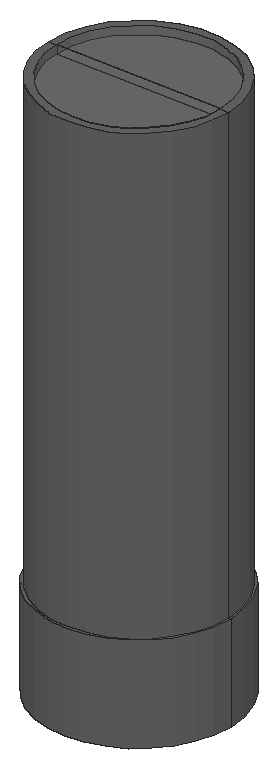
Revit family "LTC-4RDW-S", category Lighting Fixtures, host Face, Revit 2017
Family settings
  Host = Face
  Round Connector Dimension = Use Diameter
  Part Type = Normal
  OmniClass Number = 23.80.70.11.14.11
  OmniClass Title = Downlights
  Cut with Voids When Loaded = No
  Light Source = Yes
  Shared = Yes
  Room Calculation Point = No
Parameters (values of type "LTC-4RDPH-SPC")
  Wattage Comments = ""
  Wattage = 25 W
  built-in parameter 1150110 = 1 (stored number, unit not read)
  Voltage = if(Is 120V, 120 V, 277 V)  # 120 V
  URL = "https://www.hubbell.com/prescolite/en"
  built-in parameter 1114217 = 1 (stored number, unit not read)
  Tilt Angle = -90.00°
  built-in parameter 1150109 = 1 (stored number, unit not read)
  built-in parameter 1150134 = (empty or 0)
  built-in parameter 1150113 = 1 (stored number, unit not read)
  SRMD = no
  Reflector Finish = Paint - Hubbell - Carbon Black
  Product Page URL = "https://www.hubbell.com/prescolite/en/Products/Lighting-Controls/Commercial-Indoor-Lighting/Cylinders/LITEISTRY-4-Round-Cylinder-wPowerHUBB/p/3775860"
  Product Material = Paint - Hubbell - Carbon Black
  Product Documentation Link = "https://hubbellcdn.com/specsheet/LTC-4RDWPH%20PowerHUBB.pdf"
  Photometric Web Link = "https://www.hubbell.com/prescolite/en/Products/Lighting-Controls/Commercial-Indoor-Lighting/Cylinders/LITEISTRY-4-Round-Cylinder-wPowerHUBB/p/3775860#prod-photometry-section"
  Photometric Web File = "LTC-4RDPH-P-06L35K8MD-PM-S-BL.ies"
  Photometric Notes = "More IES files download on Photometric Web Link"  # constant formula
  Model = "LTC-4RDPH"  # constant formula
  Manufacturer = "Prescolite"  # constant formula
  built-in parameter 1150105 = 175.07 (stored number, unit not read)
  Lumens = 2200 lm
  built-in parameter 1150115 = 1 (stored number, unit not read)
  Load Classification = Lighting
  built-in parameter 1150137 = (empty or 0)
  built-in parameter 1150139 = (empty or 0)
  built-in parameter 1150112 = 1 (stored number, unit not read)
  built-in parameter 1150114 = 1 (stored number, unit not read)
  Lamp = " LED's"  # constant formula
  Is 277V = not(Is 120V)  # no
  Is 120V = yes
  built-in parameter 1150132 = (empty or 0)
  built-in parameter 1150102 = (empty or 0)
  built-in parameter 1150107 = 3000 (stored number, unit not read)
  built-in parameter 1150138 = (empty or 0)
  built-in parameter 1150106 = 1.7507 (stored number, unit not read)
  Glass = Hubbell - White Glass
  Frequency = 60 Hz  # constant formula
  Emit from Circle Diameter = 5.60156"  # constant formula
  Emit Shape Visible in Rendering = yes
  built-in parameter 1150104 = 8.1755 (stored number, unit not read)
  Dimming Lamp Color Temperature Shift = <None>
  Description = "• 4inch architectural LED downlight and wall wash cylinder delivering 600–2000 lm \r\n• Five beam distributions from 0.3 to 1.2 Spacing Criteria \r\n• Quiet reflector appearance with 50º optical cutoff \r\n• 2700K–5000K, 80+ and 90+ CRI options \r\n• Available in Surface, Wall, Pendant, or Cable/Cord Mount configurations \r\n• Versatile canopy options for recessed and surface-mounted J-box applications \r\n• PowerHUBB™ enables low-voltage wired connectivity for Power over Ethernet (PoE) network system deployment\r\n"  # constant formula
  Default Elevation = 48.00"
  Contact Us = "https://www.hubbell.com/prescolite/en/contactUs"
  Connector Description = "Lighting Connector"  # constant formula
  Color Filter = 16777215
  Ceiling Thickness [instance] = 1.25"
  Cutout Radius = 3.125"
  Ceiling Cutout = Cutout Radius * 2  # 6.25"
  Canopy Diameter = 5.75"
  Canopy Depth = 3.00"
  built-in parameter 1114218 = 1 (stored number, unit not read)
  built-in parameter 1150133 = 10 (stored number, unit not read)
  Apparent Load = 52 VA
Types (4): name | SRMD | Canopy Diameter | Canopy Depth
  (no name) | no | 5.75" | 3.00"
  LTC-4RDW-SRMD | yes | 7.00" | 0.26"
  LTC-4RDPH-SPC | no | 5.75" | 3.00"
  LTC-4RDW-SPCC | no | 5.83" | 4.50"
Reference planes (in)
  plane 1 "Center (Front/Back)": y = 0
  plane 2: z = 0
  plane 3 "Center (Left/Right)": x = 0
  plane 4: x = 3
  plane 5: x = -3
  plane 6: y = 3
  plane 7: y = -3
  plane 8: x = 2.795
  plane 9: x = -2
  plane 10: y = 2
  plane 11: y = -2
  plane 12: z = 14
  plane 13: z = -6
  plane 14: z = 3
  plane 15: x = -2.875
  plane 16: x = 2.875
  plane 17: z = 17
Forms (in)
  Extrusion 1, void
    sketch origin (0, 0, 0) x (1, 0, 0) y (0, 1, 0)
      loop
        circle (0, 0) r 3.125
    from -1.25 to 0
  Revolve 2, solid, material "Paint - Hubbell - Carbon Black" <- "Product Material"
    sketch origin (0, 0, 0.875) x (1, 0, 0) y (0, 0, 1)
      loop
        line (2.545, 16.125) -> (2.545, 15.875) -> (0, 15.875) -> (0, 2.125) -> (2.795, 2.125) -> (2.795, 16.125) -> (2.545, 16.125)
      axis (0, 16.125) -> (0, 2.125)
    angle from 0 to 360
  Revolve 3, solid, material "Paint - Hubbell - Carbon Black" <- "Reflector Finish", visible <- "SRMD"
    sketch origin (0, 0, 0) x (1, 0, 0) y (0, 0, 1)
      loop
        line (0, -6) -> (2.795, -6) -> (2.795, -4.65921) -> (2.63579, -4.65921) -> (2.94166, -4.35334) -> (2.59138, -4.35334) -> (2.59138, -0.82322) -> (2.68252, -0.82322)
        arc (2.68252, -0.82322) -> (2.70324, -0.81464) -> (2.71182, -0.79393) r 0.02929
        line (2.71182, -0.79393) -> (2.71182, 0) -> (0, 0) -> (0, -6)
      axis (0, 0) -> (0, -6)
    angle from 0 to 360
  Revolve 4, solid, material "Hubbell - White Glass" <- "Glass"
    sketch origin (0, 0, 0) x (1, 0, 0) y (0, 0, 1)
      loop
        line (0, 17) -> (0, 16.75) -> (2.545, 16.75) -> (2.545, 17) -> (0, 17)
      axis (0, 17) -> (0, 16.75)
    angle from 0 to 360
  Revolve 5, solid, material "Paint - Hubbell - Carbon Black" <- "Product Material"
    sketch origin (0, 0, 0) x (1, 0, 0) y (0, 0, 1)
      loop
        line (0, 0) -> (2.875, 0) -> (2.875, 3) -> (0, 3) -> (0, 0)
      axis (0, 3) -> (0, 0)
    angle from 0 to 360
Dimensions and locks (in)
  plane 2 to plane 13 = 6.00"
  equal spacing: plane 16, plane 3 "Center (Left/Right)", plane 15
  "Canopy Diameter": plane 16 to plane 15
  "Canopy Depth": plane 14 to plane 2
  locked: plane 17 to plane 14 at 14
  Revolve 2 sketch curve to Revolve 2 sketch curve to Revolve 2 sketch curve = 0.25" locked, 13.75" locked
  "Cutout Radius": radius of Extrusion 1 sketch curve
  aligned and locked: plane 2 to host face
  aligned and locked: level to host face
  aligned and locked: level to Extrusion 1
  aligned and locked: plane 1 "Center (Front/Back)" to Extrusion 1 sketch curve
  aligned and locked: plane 3 "Center (Left/Right)" to Extrusion 1 sketch curve
  aligned and locked: plane 3 "Center (Left/Right)" to imposter light
  aligned and locked: Revolve 3 to plane 13
  aligned and locked: plane 17 to Revolve 2 sketch curve
  aligned and locked: Revolve 4 to plane 17
  aligned and locked: Revolve 4 to Revolve 2
  aligned and locked: plane 16 to Revolve 5 sketch curve
  aligned and locked: Revolve 5 sketch curve to Revolve 5 sketch curve
  aligned and locked: Revolve 5 sketch curve to plane 14
  aligned and locked: Revolve 5 sketch curve to plane 2
  aligned and locked: imposter light to plane 17
Automatic sketch dimensions
  host sketch curve to host sketch curve = 96.00"  (x2)
  Revolve 4 sketch curve to plane 3 "Center (Left/Right)" = 0.00"  (x2)
  Revolve 4 sketch curve to plane 8 = 0.25"
  Revolve 4 sketch curve to plane 12 = 3.00"
  Revolve 4 sketch curve to plane 12 = 2.75"
  plane 13 to Revolve 4 sketch curve = 7.73828"
  Revolve 4 sketch curve to Revolve 4 sketch curve = 7.00"
  Revolve 2 sketch curve to plane 3 "Center (Left/Right)" = 0.00"  (x2)
  Revolve 2 sketch curve to plane 8 = 0.00"
  Revolve 2 sketch curve to plane 8 = 0.25"
  plane 13 to Revolve 2 sketch curve = 17.125"
  Revolve 2 sketch curve to Revolve 2 sketch curve = 18.25745"
  Revolve 3 sketch curve to plane 3 "Center (Left/Right)" = 0.00"  (x2)
  Revolve 3 sketch curve to level = 0.00"
  Revolve 3 sketch curve to plane 8 = 0.00"
  Revolve 3 sketch curve to plane 13 = 0.00"
  Revolve 3 sketch curve to plane 8 = 0.20362"
  Revolve 3 sketch curve to plane 8 = 0.15921"
  Revolve 3 sketch curve to Revolve 3 sketch curve = 0.09114"
  Revolve 3 sketch curve to plane 8 = 0.08318"
  Revolve 3 sketch curve to plane 4 = 0.05834"
  Revolve 3 sketch curve to Revolve 3 sketch curve = 1.34079"
  Revolve 3 sketch curve to Revolve 3 sketch curve = 0.30587"
  Revolve 3 sketch curve to level = 0.82322"
  plane 13 to Revolve 3 sketch curve = 1.98828"
  plane 12 to Revolve 3 sketch curve = 2.50"
  Revolve 5 sketch curve to plane 3 "Center (Left/Right)" = 0.00"
  plane 13 to Revolve 5 sketch curve = 18.00"
  Revolve 5 sketch curve to plane 17 = 10.64417"
Connectors (in)
  electrical at (0, 0, 0), driven by "Connector Description", driven by "Voltage", driven by "Apparent Load", driven by "Load Classification"
    settings: on host face, index 1, voltage 120 V, apparent load 52 VA, apparent load phase1 0 VA, apparent load phase2 0 VA, apparent load phase3 0 VA, power factor 0.9, load classification "Lighting", number of poles 1, system type 30, power factor state 1, is connector primary yes, connector utility no, sub classification motor no, connector description "Lighting Connector"
